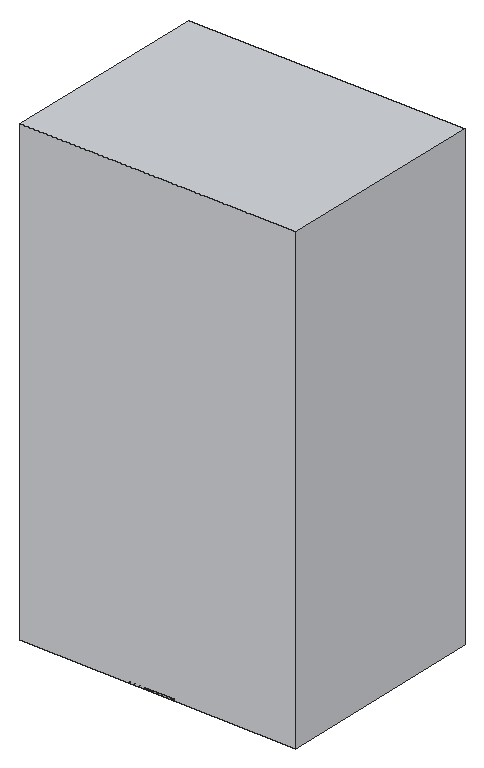
Revit family
Parameters
  Warranty Duration (Years) = 0
  URL = "http://www.americanspecialties.com/viewCategories.cfm"
  Trim Material = Plastic 2
  Test Data = ""
  Specification = "http://www.arcat.com/sdspecs/htm/10810asi.htm"
  SpecWizard = ""
  Send Message = "http://www.arcat.com/users.pl?action=UserEmail&company=American%20Specialties,%20Inc.&coid=30448&rep=139&fax=914-476-0688&mf="
  Sales Information = "http://www.americanspecialties.com/contact"
  Revision = "R1_10-2010"
  Product Properties = "http://www.americanspecialties.com/datasheets/9343.pdf"
  Product Data = "http://www.arcat.com/arcatcos/cos30/arc30448.html"
  Model = "As Specified in 10 28 13"
  Manufacturer Website = "http://www.americanspecialties.com/viewCategories.cfm"
  Manufacturer Phone - Toll Free = ""
  Manufacturer Phone = "914-476-9000 "
  Manufacturer Fax = "914-476-0688"
  Manufacturer Address = "441 Saw Mill River Rd., Yonkers, NY 10701"
  Manufacturer = "American Specialties, Inc."
  Maintenance Schedule (Months) = 0
  Keynote = "10 28 13"
  Installation-Fabrication = "http://www.americanspecialties.com/products.cfm"
  Green Building-LEED = ""
  Expected Lifespan (Years) = 0
  Drawn By = "Robert S. Weygant. CSI, CDT, SCIP"  # constant formula
  Description = "Toilet Accessory as Specified in 10 28 13"
  Default Elevation = 4' - 0"
  Copyright = "©Arcat Inc."
  Construction Details = "http://www.arcat.com/green/clients/leed_data_30448.html"
  Building Codes = "http://www.americanspecialties.com/products.cfm"
  Body Material = Metal - Stainless Steel
  Assembly Code = "C1030210"
Reference planes (in)
  plane 1 "Center (Front/Back)": y = -0.29112
  plane 2 "Floor Line": z = 0
  plane 3 "Center (Left/Right)": x = -0.65843
  plane 4: z = 60
  plane 5: z = 48
  plane 6: z = 72
Forms (in)
  Extrusion 1, solid
    sketch origin (-3, -9, -6) x (0, 0, -1) y (1, 0, 0)
      loop
        line (-82, 26) -> (-82, -19.34712) -> (-6, -19.34712) -> (-6, 26) -> (-82, 26)
    from 9 to -25.60721
  Sweep 2, solid, material "Metal - Stainless Steel" <- "Body Material"
    path origin (0, 0, 0) x (1, 0, 0) y (0, 1, 0)
      loop
        line (-4.28343, -11.5) -> (-4.28343, -18) -> (2.96657, -18) -> (2.96657, -11.5) -> (-4.28343, -11.5)
    profile origin (-0.65843, -11.5, 0) x (0, 1, 0) y (0, 0, 1)
      loop
        line (0, 0) -> (0, 0.25) -> (-0.04844, 0.25)
        arc (-0.04844, 0.25) -> (-0.12025, 0.27975) -> (-0.15, 0.35156) r 0.10156
        line (-0.15, 0.35156) -> (-0.15, 2.60156)
        arc (-0.15, 2.60156) -> (-0.19348, 2.70652) -> (-0.29844, 2.75) r 0.14844
        line (-0.29844, 2.75) -> (-0.87707, 2.75) -> (-0.87707, 0) -> (0, 0)
  Extrusion 3, solid, material "Metal - Stainless Steel" <- "Body Material"
    sketch origin (0, 0, 0) x (1, 0, 0) y (0, 1, 0)
      loop
        line (-3.40636, -12.37707) -> (-3.40636, -17.12293) -> (2.0895, -17.12293) -> (2.0895, -12.37707) -> (-3.40636, -12.37707)
    from 0 to 2.75
  Extrusion 4, solid, material "Plastic 2" <- "Trim Material"
    sketch origin (0, -0.35374, 0) x (1, 0, 0) y (0, 0, 1)
      loop
        line (0.34157, 3.15931) -> (0.34157, 3.48826)
        arc (0.34157, 3.48826) -> (-0.65843, 3.6875) -> (-1.65843, 3.48826) r 2.60912
        line (-1.65843, 3.48826) -> (-1.65843, 3.15931) -> (0.34157, 3.15931)
    from 15.48766 to 17.05485
  Extrusion 5, void
    sketch origin (0, -0.06263, 0) x (1, 0, 0) y (0, 1, 0)
      loop
        arc (-1.33798, -16.96081) -> (-1.30824, -17.03263) -> (-1.23642, -17.06237) r 0.10156
        line (-1.23642, -17.06237) -> (-0.08045, -17.06237)
        arc (-0.08045, -17.06237) -> (-0.00863, -17.03263) -> (0.02111, -16.96081) r 0.10156
        line (0.02111, -16.96081) -> (0.02111, -16.16394)
        arc (0.02111, -16.16394) -> (-0.00863, -16.09212) -> (-0.08045, -16.06237) r 0.10156
        line (-0.08045, -16.06237) -> (-1.23642, -16.06237)
        arc (-1.23642, -16.06237) -> (-1.30824, -16.09212) -> (-1.33798, -16.16394) r 0.10156
        line (-1.33798, -16.16394) -> (-1.33798, -16.96081)
    from 3.57487 to 3.72355
  Extrusion 6, solid, material "Plastic 2" <- "Trim Material"
    sketch origin (0, -0.35374, 0) x (1, 0, 0) y (0, 0, 1)
      loop
        line (-0.10101, 2.86911) -> (-0.10101, 3.15931) -> (-1.21586, 3.15931) -> (-1.21586, 2.86911) -> (-1.24792, 2.86911)
        arc (-1.24792, 2.86911) -> (-1.30748, 2.80956) -> (-1.24792, 2.75) r 0.05955
        line (-1.24792, 2.75) -> (-0.06895, 2.75)
        arc (-0.06895, 2.75) -> (-0.00939, 2.80956) -> (-0.06895, 2.86911) r 0.05955
        line (-0.06895, 2.86911) -> (-0.10101, 2.86911)
    from 15.77126 to 16.77126
  Blend 7, solid, material "Plastic 2" <- "Trim Material"
    base sketch origin (0, -0.06263, 0.00716) x (1, 0, 0) y (0, 1, 0)
      loop
        circle (-0.65843, -14.61752) r 0.59427
    top sketch origin (0, -0.06263, 0.00716) x (1, 0, 0) y (0, 1, 0)
      loop
        circle (-0.65843, -14.61752) r 0.42904
    from 2.74285 to 2.89181
  Extrusion 8, void
    sketch origin (-0.65843, 0, 0) x (0, 1, 0) y (0, 0, 1)
      loop
        line (-16.23618, 2.95312) -> (-16.23618, 3.15931) -> (-17.01382, 3.15931) -> (-17.01382, 2.95312) -> (-16.23618, 2.95312)
    from -0.83051 to 0.80983
Cuts and joins
  joined: Sweep 2, Extrusion 3
  Extrusion 5, Extrusion 8 cuts Extrusion 4
  Extrusion 8 cuts Extrusion 6
Dimensions and locks (in)
  equal spacing: plane 6, plane 4, plane 5
  locked: plane 6 to plane 5 at 24
  "Default Elevation": plane 5 to plane 2 "Floor Line"
  aligned and locked: Extrusion 1 to level
  aligned and locked: Extrusion 3 sketch curve to Sweep 2  (x3)
  aligned and locked: Sweep 2 to Extrusion 3 sketch curve
  aligned and locked: Sweep 2 to Extrusion 3
  aligned and locked: Extrusion 8 sketch curve to cut or joined group of Extrusion 4, Extrusion 5, Extrusion 8
Automatic sketch dimensions
  Extrusion 1 sketch curve to Extrusion 1 sketch curve = 6' - 4"
  Extrusion 1 sketch curve to Extrusion 1 sketch curve = 3' - 9.34712"
  Sweep 2 sketch curve to plane 3 "Center (Left/Right)" = 0' - 3 5/8"
  plane 3 "Center (Left/Right)" to Sweep 2 sketch curve = 0' - 3 5/8"
  plane 1 "Center (Front/Back)" to Sweep 2 sketch curve = 1' - 5.70888"
  Sweep 2 sketch curve to Sweep 2 sketch curve = 0' - 6 1/2"
  Sweep 2 sketch curve to level = 0' - 0"
  Sweep 2 sketch curve to profile plane = 0' - 0"
  profile plane to Sweep 2 sketch curve = 0' - 0.04844"
  profile plane to Sweep 2 sketch curve = 0' - 0.15"
  Sweep 2 sketch curve to Sweep 2 sketch curve = 0' - 0 19/128"
  Sweep 2 sketch curve to Sweep 2 sketch curve = 0' - 0.72707"
  Sweep 2 sketch curve to Sweep 2 sketch curve = 0' - 0 1/4"
  Sweep 2 sketch curve to Sweep 2 sketch curve = 0' - 2 1/4"
  Extrusion 4 sketch curve to plane 3 "Center (Left/Right)" = 0' - 0"
  Extrusion 4 sketch curve to plane 3 "Center (Left/Right)" = 0' - 1"
  plane 3 "Center (Left/Right)" to Extrusion 4 sketch curve = 0' - 1"
  level to Extrusion 4 sketch curve = 0' - 1.07838"
  Extrusion 4 sketch curve to Extrusion 4 sketch curve = 0' - 2.08094"
  Extrusion 4 sketch curve to Extrusion 4 sketch curve = 0' - 0.32895"
  Extrusion 5 sketch curve to plane 3 "Center (Left/Right)" = 0' - 0.67955"
  Extrusion 5 sketch curve to Extrusion 5 sketch curve = 0' - 0 13/128"  (x3)
  plane 3 "Center (Left/Right)" to Extrusion 5 sketch curve = 0' - 0.57799"  (x2)
  plane 1 "Center (Front/Back)" to Extrusion 5 sketch curve = 1' - 4.83388"
  Extrusion 5 sketch curve to Extrusion 5 sketch curve = 0' - 0 51/64"
  Extrusion 6 sketch curve to plane 3 "Center (Left/Right)" = 0' - 0.58949"
  Extrusion 6 sketch curve to Extrusion 6 sketch curve = 0' - 0.03206"  (x2)
  plane 3 "Center (Left/Right)" to Extrusion 6 sketch curve = 0' - 0.55743"
  level to Extrusion 6 sketch curve = 0' - 2 3/4"
  Extrusion 6 sketch curve to Extrusion 6 sketch curve = 0' - 0.05955"  (x2)
  Extrusion 6 sketch curve to Extrusion 6 sketch curve = 0' - 0.2902"
  Blend 7 sketch curve to plane 3 "Center (Left/Right)" = 0' - 0"  (x2)
  plane 1 "Center (Front/Back)" to Blend 7 sketch curve = 1' - 2.38903"  (x2)
  plane 1 "Center (Front/Back)" to Extrusion 8 sketch curve = 1' - 4.72271"
  Extrusion 8 sketch curve to Extrusion 8 sketch curve = 0' - 0.77764"
  Extrusion 8 sketch curve to Extrusion 8 sketch curve = 0' - 0.2062"
  radius of Blend 7 sketch curve = 0' - 0.59427"
  radius of Blend 7 sketch curve = 0' - 0.42904"
